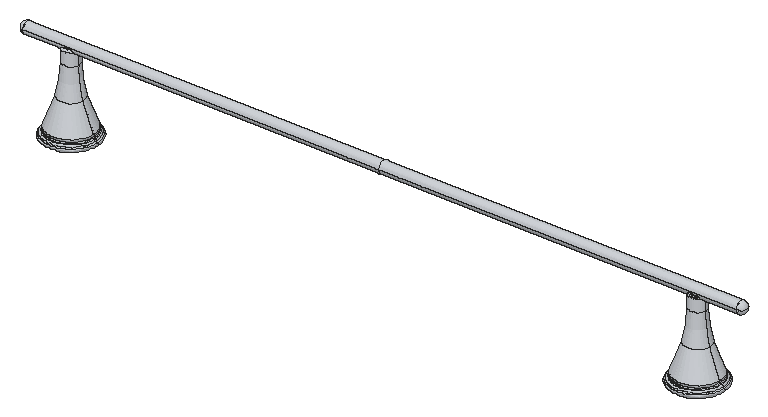
Revit family "Accessory-Towel_Bar-KOHLER-Finial-K-360", category Specialty Equipment, host Face, Revit 2015
Parameters (values of type "CP-Polished Chrome")
  Width = 3 1/8"  # constant formula
  URL = "https://www.us.kohler.com/us/"
  Type = 1
  Product Page URL = "http://www.us.kohler.com/us/catalog/productDetails.jsp?productNumber=360"
  Product Name = "Finial"  # constant formula
  Product Documentation Link = "http://www.us.kohler.com/onlinecatalog/pdf/K-360_spec.pdf"
  Model = if(Type = 1, "K-360-CP", if(Type = 2, "K-360-SN", if(Type = 3, "K-360-AF", if(Type = 4, "K-360-BN", if(Type = 5, "K-360-BV", if(Type = 6, "K-360-2BZ", "NA"))))))  # "K-360-CP"
  Material = "Premium Metal Construction"  # constant formula
  MasterFormat 2004 = "10.28.13"  # constant formula
  MasterFormat 1995 = "10820"  # constant formula
  Manufacturer Address = "444 Highland Dr, Kohler, WI 53044"  # constant formula
  Manufacturer = "KOHLER Co."  # constant formula
  Length = 24"  # constant formula
  Height = 2 1/16"  # constant formula
  Finish = Kohler-Metal-CP-Polished_Chrome
  Environmental Product Declaration = ""
  Description = "24 inch towel bar"  # constant formula
  Default Elevation = 42"
  Declare Label = ""
  Date Modified = "12/18/2018"  # constant formula
  Date Created = "12/18/2018"  # constant formula
  Copyright = "Copyright KOHLER Co."  # constant formula
  Contact Us = "https://www.us.kohler.com/us/static/contact.jsp"
  Assembly Code = "C1030200"
  ADA Compliant = 1 = 0  # no
Types (7): name | Type | Model | Finish
  (no name) | 1 | "K-360-CP" | Kohler-Metal-CP-Polished_Chrome
  CP-Polished Chrome | 1 | "K-360-CP" | Kohler-Metal-CP-Polished_Chrome
  SN-Vibrant Polished Nickel | 2 | "K-360-SN" | Kohler-Metal-SN-Vibrant_Polished_Nickel
  AF-Vibrant French Gold | 3 | "K-360-AF" | Kohler-Metal-AF-Vibrant_French_Gold
  BN-Vibrant Brushed Nickel | 4 | "K-360-BN" | Kohler-Metal-BN-Vibrant_Brushed_Nickel
  BV-Vibrant Brushed Bronze | 5 | "K-360-BV" | Kohler-Metal-BV-Brushed_Bronze
  2BZ-Oil_Rubbed Bronze | 6 | "K-360-2BZ" | Kohler-Metal-2BZ-Oil_Rubbed_Bronze
Reference planes (in)
  plane 1 "Center (Front/Back)": y = 0
  plane 2: z = 0
  plane 3 "Center (Left/Right)": x = 0
  plane 4: x = -12
  plane 5: x = 12
  plane 6: y = 1.03125
  plane 7: y = -1.03125
  plane 8: z = 3.125
Dimensions and locks (in)
  "Length": plane 4 to plane 5
  "Height": plane 6 to plane 7
  "Width": plane 8 to plane 2
  aligned and locked: host face to plane 2
  aligned and locked: host face to level
Automatic sketch dimensions
  host sketch curve to host sketch curve = 96"  (x2)
Nested families (in)
  nested 1: "K-360" at (0, 0, 0), type "K-360"
Definition of nested family "K-360"
  Parameters (values of type "K-360")
    Material = none
  Reference planes (in)
    plane 1 "Center (Front/Back)": y = 0
    plane 2: z = 0
    plane 3 "Center (Left/Right)": x = 0
    plane 4: x = -12
    plane 5: x = 12
    plane 6: x = -13.875
    plane 7: x = 13.875
    plane 8: y = 1.03125
    plane 9: y = -1.03125
    plane 10: x = 10.96875
    plane 11: x = 13.03125
    plane 12: x = -10.96875
    plane 13: x = -13.03125
    plane 14: z = 3.125
  Forms (in)
    Revolve 1, solid, material <- "Material", detail levels medium+fine
      sketch origin (0, 0, 0) x (1, 0, 0) y (0, 0, 1)
        loop
          arc (-12.87173, 0.21481) -> (-12.88167, 0.19081) -> (-12.90567, 0.18086) r 0.03394
          arc (-12.90567, 0.18086) -> (-12.94463, 0.16473) -> (-12.96076, 0.12578) r 0.05509
          arc (-12.96076, 0.12578) -> (-12.97161, 0.09543) -> (-12.99924, 0.07884) r 0.04786
          arc (-12.99924, 0.07884) -> (-13.03106, 0.03589) -> (-12.99144, 0) r 0.03981
          line (-12.99144, 0) -> (-12, 0) -> (-12, 3.125)
          arc (-12, 3.125) -> (-12.13378, 3.11223) -> (-12.26273, 3.0744) r 0.70731
          arc (-12.26273, 3.0744) -> (-12.29889, 3.04526) -> (-12.31251, 3.00087) r 0.0792
          line (-12.31251, 3.00087) -> (-12.31251, 2.53517)
          arc (-12.31251, 2.53517) -> (-12.35158, 1.94211) -> (-12.46811, 1.3593) r 4.52067
          arc (-12.46811, 1.3593) -> (-12.6398, 0.83072) -> (-12.86434, 0.32234) r 5.45905
          arc (-12.86434, 0.32234) -> (-12.86462, 0.28054) -> (-12.83154, 0.255) r 0.04707
          arc (-12.83154, 0.255) -> (-12.85996, 0.24323) -> (-12.87173, 0.21481) r 0.04019
        axis (-12, 3.125) -> (-12, 0)
      angle from 0 to 360
    Revolve 2, solid, material <- "Material", detail levels medium+fine
      sketch origin (0, 0, 3.125) x (1, 0, 0) y (0, 1, 0)
        loop
          arc (13.875, 0) -> (13.81518, 0.15444) -> (13.66267, 0.219) r 0.21243
          line (13.66267, 0.219) -> (-0.02738, 0.219) -> (-13.66267, 0.219)
          arc (-13.66267, 0.219) -> (-13.81518, 0.15444) -> (-13.875, 0) r 0.21243
          line (-13.875, 0) -> (13.875, 0)
        axis (-13.875, 0) -> (13.875, 0)
      angle from 0 to 360
    Revolve 3, solid, material <- "Material", detail levels coarse
      sketch origin (0, 0, 0) x (1, 0, 0) y (0, 0, 1)
        loop
          line (-12, 0) -> (-10.96875, 0) -> (-10.96875, 0.32405) -> (-11.18435, 0.32405) -> (-11.72778, 3.01498)
          arc (-11.72778, 3.01498) -> (-11.77537, 3.09399) -> (-11.86224, 3.125) r 0.13717
          line (-11.86224, 3.125) -> (-12, 3.125) -> (-12, 0)
        axis (-12, 3.125) -> (-12, 0)
      angle from 0 to 360
    Revolve 4, solid, material <- "Material", detail levels coarse
      sketch origin (0, 0, 0) x (-1, 0, 0) y (0, 0, 1)
        loop
          line (-12, 0) -> (-10.96875, 0) -> (-10.96875, 0.32405) -> (-11.18435, 0.32405) -> (-11.72778, 3.01498)
          arc (-11.72778, 3.01498) -> (-11.77537, 3.09399) -> (-11.86224, 3.125) r 0.13717
          line (-11.86224, 3.125) -> (-12, 3.125) -> (-12, 0)
        axis (-12, 3.125) -> (-12, 0)
      angle from 0 to 360
    Revolve 5, solid, material <- "Material", detail levels coarse
      sketch origin (0, 0, 0) x (1, 0, 0) y (0, 0, 1)
        loop
          line (-13.875, 3.125) -> (9.35901, 3.125) -> (13.875, 3.125) -> (13.875, 3.344) -> (-12.57322, 3.344) -> (-13.875, 3.344) -> (-13.875, 3.125)
        axis (-13.875, 3.125) -> (13.875, 3.125)
      angle from 0 to 360
    Revolve 6, solid, material <- "Material", detail levels medium+fine
      sketch origin (0, 0, 0) x (-1, 0, 0) y (0, 0, 1)
        loop
          arc (-12.87173, 0.21481) -> (-12.88167, 0.19081) -> (-12.90567, 0.18086) r 0.03394
          arc (-12.90567, 0.18086) -> (-12.94463, 0.16473) -> (-12.96076, 0.12578) r 0.05509
          arc (-12.96076, 0.12578) -> (-12.97161, 0.09543) -> (-12.99924, 0.07884) r 0.04786
          arc (-12.99924, 0.07884) -> (-13.03106, 0.03589) -> (-12.99144, 0) r 0.03981
          line (-12.99144, 0) -> (-12, 0) -> (-12, 3.125)
          arc (-12, 3.125) -> (-12.13378, 3.11223) -> (-12.26273, 3.0744) r 0.70731
          arc (-12.26273, 3.0744) -> (-12.29889, 3.04526) -> (-12.31251, 3.00087) r 0.0792
          line (-12.31251, 3.00087) -> (-12.31251, 2.53517)
          arc (-12.31251, 2.53517) -> (-12.35158, 1.94211) -> (-12.46811, 1.3593) r 4.52067
          arc (-12.46811, 1.3593) -> (-12.6398, 0.83072) -> (-12.86434, 0.32234) r 5.45905
          arc (-12.86434, 0.32234) -> (-12.86462, 0.28054) -> (-12.83154, 0.255) r 0.04707
          arc (-12.83154, 0.255) -> (-12.85996, 0.24323) -> (-12.87173, 0.21481) r 0.04019
        axis (-12, 3.125) -> (-12, 0)
      angle from 0 to 360
  Cuts and joins
    joined: Revolve 1, Revolve 2
    joined: Revolve 3, Revolve 4, Revolve 5
  Lines and regions (in)
    Masking region 1
      outline origin (0, 0, 0) x (1, 0, 0) y (0, 1, 0)
        loop
          line (-13.00773, 0.219) -> (-13.69364, 0.219)
          arc (-13.69364, 0.219) -> (-13.82377, 0.14217) -> (-13.875, 0) r 0.22291
          arc (-13.875, 0) -> (-13.82377, -0.14217) -> (-13.69364, -0.219) r 0.22291
          line (-13.69364, -0.219) -> (-13.00773, -0.219)
          arc (-13.00773, -0.219) -> (-12.64716, -0.80291) -> (-12, -1.03125) r 1.03125
          arc (-12, -1.03125) -> (-11.35284, -0.80291) -> (-10.99227, -0.219) r 1.03125
          line (-10.99227, -0.219) -> (-0.02272, -0.219) -> (10.99227, -0.219)
          arc (10.99227, -0.219) -> (11.35284, -0.80291) -> (12, -1.03125) r 1.03125
          arc (12, -1.03125) -> (12.64716, -0.80291) -> (13.00773, -0.219) r 1.03125
          line (13.00773, -0.219) -> (13.69364, -0.219)
          arc (13.69364, -0.219) -> (13.82377, -0.14217) -> (13.875, 0) r 0.22291
          arc (13.875, 0) -> (13.82377, 0.14217) -> (13.69364, 0.219) r 0.22291
          line (13.69364, 0.219) -> (13.00773, 0.219)
          arc (13.00773, 0.219) -> (12.64716, 0.80291) -> (12, 1.03125) r 1.03125
          arc (12, 1.03125) -> (11.35284, 0.80291) -> (10.99227, 0.219) r 1.03125
          line (10.99227, 0.219) -> (0.22423, 0.219) -> (-10.99227, 0.219)
          arc (-10.99227, 0.219) -> (-11.35284, 0.80291) -> (-12, 1.03125) r 1.03125
          arc (-12, 1.03125) -> (-12.64716, 0.80291) -> (-13.00773, 0.219) r 1.03125
    Masking region 2
      outline origin (0, 0, 0) x (1, 0, 0) y (0, 0, 1)
        loop
          arc (-12.87173, 0.21481) -> (-12.88167, 0.19081) -> (-12.90567, 0.18086) r 0.03394
          arc (-12.90567, 0.18086) -> (-12.94463, 0.16473) -> (-12.96076, 0.12578) r 0.05509
          arc (-12.96076, 0.12578) -> (-12.97161, 0.09543) -> (-12.99924, 0.07884) r 0.04786
          arc (-12.99924, 0.07884) -> (-13.02287, 0.06427) -> (-13.03125, 0.0378) r 0.03987
          arc (-13.03125, 0.0378) -> (-13.01889, 0.01096) -> (-12.99144, 0) r 0.03986
          line (-12.99144, 0) -> (-12, 0) -> (-11.00856, 0)
          arc (-11.00856, 0) -> (-10.98111, 0.01096) -> (-10.96875, 0.0378) r 0.03986
          arc (-10.96875, 0.0378) -> (-10.97713, 0.06427) -> (-11.00076, 0.07884) r 0.03987
          arc (-11.00076, 0.07884) -> (-11.02839, 0.09543) -> (-11.03924, 0.12578) r 0.04786
          arc (-11.03924, 0.12578) -> (-11.05537, 0.16473) -> (-11.09433, 0.18086) r 0.05509
          arc (-11.09433, 0.18086) -> (-11.11833, 0.19081) -> (-11.12827, 0.21481) r 0.03394
          arc (-11.12827, 0.21481) -> (-11.14004, 0.24323) -> (-11.16846, 0.255) r 0.04019
          arc (-11.16846, 0.255) -> (-11.13538, 0.28054) -> (-11.13566, 0.32234) r 0.04707
          arc (-11.13566, 0.32234) -> (-11.3602, 0.83072) -> (-11.53189, 1.3593) r 5.45905
          arc (-11.53189, 1.3593) -> (-11.64842, 1.94211) -> (-11.68749, 2.53517) r 4.52067
          line (-11.68749, 2.53517) -> (-11.68749, 2.90559) -> (11.68749, 2.90559) -> (11.68749, 2.53517)
          arc (11.68749, 2.53517) -> (11.64842, 1.94211) -> (11.53189, 1.3593) r 4.52067
          arc (11.53189, 1.3593) -> (11.3602, 0.83072) -> (11.13566, 0.32234) r 5.45905
          arc (11.13566, 0.32234) -> (11.13538, 0.28054) -> (11.16846, 0.255) r 0.04707
          arc (11.16846, 0.255) -> (11.14004, 0.24323) -> (11.12827, 0.21481) r 0.04019
          arc (11.12827, 0.21481) -> (11.11833, 0.19081) -> (11.09433, 0.18086) r 0.03394
          arc (11.09433, 0.18086) -> (11.05537, 0.16473) -> (11.03924, 0.12578) r 0.05509
          arc (11.03924, 0.12578) -> (11.02839, 0.09543) -> (11.00076, 0.07884) r 0.04786
          arc (11.00076, 0.07884) -> (10.97713, 0.06427) -> (10.96875, 0.0378) r 0.03987
          arc (10.96875, 0.0378) -> (10.98111, 0.01096) -> (11.00856, 0) r 0.03986
          line (11.00856, 0) -> (12, 0) -> (12.99144, 0)
          arc (12.99144, 0) -> (13.01889, 0.01096) -> (13.03125, 0.0378) r 0.03986
          arc (13.03125, 0.0378) -> (13.02287, 0.06427) -> (12.99924, 0.07884) r 0.03987
          arc (12.99924, 0.07884) -> (12.97161, 0.09543) -> (12.96076, 0.12578) r 0.04786
          arc (12.96076, 0.12578) -> (12.94463, 0.16473) -> (12.90567, 0.18086) r 0.05509
          arc (12.90567, 0.18086) -> (12.88167, 0.19081) -> (12.87173, 0.21481) r 0.03394
          arc (12.87173, 0.21481) -> (12.85996, 0.24323) -> (12.83154, 0.255) r 0.04019
          arc (12.83154, 0.255) -> (12.86462, 0.28054) -> (12.86434, 0.32234) r 0.04707
          arc (12.86434, 0.32234) -> (12.6398, 0.83072) -> (12.46811, 1.3593) r 5.45905
          arc (12.46811, 1.3593) -> (12.35158, 1.94211) -> (12.31251, 2.53517) r 4.52067
          line (12.31251, 2.53517) -> (12.31251, 2.90559) -> (13.68467, 2.90559)
          arc (13.68467, 2.90559) -> (13.82079, 2.97977) -> (13.875, 3.125) r 0.22164
          arc (13.875, 3.125) -> (13.82079, 3.27023) -> (13.68467, 3.34441) r 0.22164
          line (13.68467, 3.34441) -> (-0.38537, 3.34441) -> (-13.68467, 3.34441)
          arc (-13.68467, 3.34441) -> (-13.82079, 3.27023) -> (-13.875, 3.125) r 0.22164
          arc (-13.875, 3.125) -> (-13.82079, 2.97977) -> (-13.68467, 2.90559) r 0.22164
          line (-13.68467, 2.90559) -> (-12.31251, 2.90559) -> (-12.31251, 2.53517)
          arc (-12.31251, 2.53517) -> (-12.35158, 1.94211) -> (-12.46811, 1.3593) r 4.52067
          arc (-12.46811, 1.3593) -> (-12.6398, 0.83072) -> (-12.86434, 0.32234) r 5.45905
          arc (-12.86434, 0.32234) -> (-12.86462, 0.28054) -> (-12.83154, 0.255) r 0.04707
          arc (-12.83154, 0.255) -> (-12.85996, 0.24323) -> (-12.87173, 0.21481) r 0.04019
    Masking region 3
      outline origin (0, 0, 0) x (0, 1, 0) y (0, 0, 1)
        loop
          arc (0.87173, 0.21481) -> (0.85996, 0.24323) -> (0.83154, 0.255) r 0.04019
          arc (0.83154, 0.255) -> (0.86462, 0.28054) -> (0.86434, 0.32234) r 0.04707
          arc (0.86434, 0.32234) -> (0.6398, 0.83072) -> (0.46811, 1.3593) r 5.45905
          arc (0.46811, 1.3593) -> (0.35158, 1.94211) -> (0.31251, 2.53517) r 4.52067
          line (0.31251, 2.53517) -> (0.31251, 3.00087)
          arc (0.31251, 3.00087) -> (0.29889, 3.04526) -> (0.26273, 3.0744) r 0.0792
          arc (0.26273, 3.0744) -> (0.23969, 3.08315) -> (0.21636, 3.0911) r 0.70731
          arc (0.21636, 3.0911) -> (0.16646, 3.26745) -> (0, 3.34413) r 0.21902
          arc (0, 3.34413) -> (-0.16646, 3.26745) -> (-0.21636, 3.0911) r 0.21902
          arc (-0.21636, 3.0911) -> (-0.23969, 3.08315) -> (-0.26273, 3.0744) r 0.70731
          arc (-0.26273, 3.0744) -> (-0.29889, 3.04526) -> (-0.31251, 3.00087) r 0.0792
          line (-0.31251, 3.00087) -> (-0.31251, 2.53517)
          arc (-0.31251, 2.53517) -> (-0.35158, 1.94211) -> (-0.46811, 1.3593) r 4.52067
          arc (-0.46811, 1.3593) -> (-0.6398, 0.83072) -> (-0.86434, 0.32234) r 5.45905
          arc (-0.86434, 0.32234) -> (-0.86462, 0.28054) -> (-0.83154, 0.255) r 0.04707
          arc (-0.83154, 0.255) -> (-0.85996, 0.24323) -> (-0.87173, 0.21481) r 0.04019
          arc (-0.87173, 0.21481) -> (-0.88167, 0.19081) -> (-0.90567, 0.18086) r 0.03394
          arc (-0.90567, 0.18086) -> (-0.94463, 0.16473) -> (-0.96076, 0.12578) r 0.05509
          arc (-0.96076, 0.12578) -> (-0.97161, 0.09543) -> (-0.99924, 0.07884) r 0.04786
          arc (-0.99924, 0.07884) -> (-1.02288, 0.06425) -> (-1.03125, 0.03776) r 0.03987
          arc (-1.03125, 0.03776) -> (-1.01888, 0.01094) -> (-0.99144, 0) r 0.03986
          line (-0.99144, 0) -> (0, 0) -> (0.99144, 0)
          arc (0.99144, 0) -> (1.01888, 0.01094) -> (1.03125, 0.03776) r 0.03986
          arc (1.03125, 0.03776) -> (1.02288, 0.06425) -> (0.99924, 0.07884) r 0.03987
          arc (0.99924, 0.07884) -> (0.97161, 0.09543) -> (0.96076, 0.12578) r 0.04786
          arc (0.96076, 0.12578) -> (0.94463, 0.16473) -> (0.90567, 0.18086) r 0.05509
          arc (0.90567, 0.18086) -> (0.88167, 0.19081) -> (0.87173, 0.21481) r 0.03394
    symbolic lines, detail levels medium+fine
      curve 1: line (-13.00773, 0.219, 0) -> (-10.99227, 0.219, 0)
      curve 2: line (-13.00773, -0.219, 0) -> (-10.99227, -0.219, 0)
      curve 3: arc (-12.84432, -0.219, 0) -> (-12, -0.87226, 0) -> (-11.15568, -0.219, 0) r 0.87226
      curve 4: arc (-11.15568, 0.219, 0) -> (-12, 0.87226, 0) -> (-12.84432, 0.219, 0) r 0.87226
      curve 5: line (13.00773, 0.219, 0) -> (10.99227, 0.219, 0)
      curve 6: line (13.00773, -0.219, 0) -> (10.99227, -0.219, 0)
      curve 7: arc (12.84432, -0.219, 0) -> (12, -0.87226, 0) -> (11.15568, -0.219, 0) r 0.87226
      curve 8: arc (11.15568, 0.219, 0) -> (12, 0.87226, 0) -> (12.84432, 0.219, 0) r 0.87226
      curve 9: line (-12.83154, 0, 0.255) -> (-11.16846, 0, 0.255)
      curve 10: spline (-12.15371, 0, 3.0744) -> (-12.12841, 0, 3.07944) -> (-12.10293, 0, 3.08357) -> (-12.07732, 0, 3.08679) -> (-12.05161, 0, 3.0891) -> (-12.02582, 0, 3.09048) -> (-12, 0, 3.09094) -> (-11.97418, 0, 3.09048) -> (-11.94839, 0, 3.0891) -> (-11.92268, 0, 3.08679) -> (-11.89707, 0, 3.08357) -> (-11.87159, 0, 3.07944) -> (-11.84629, 0, 3.0744)
      curve 11: arc (-12.3127, 0, 2.90568) -> (-12.25932, 0, 3.01465) -> (-12.15371, 0, 3.0744) r 0.20517
      curve 12: arc (-11.84629, 0, 3.0744) -> (-11.74072, 0, 3.01461) -> (-11.68749, 0, 2.90559) r 0.20484
      curve 13: line (12.99924, 0, 0.07884) -> (11.00076, 0, 0.07884)
      curve 14: line (12.90567, 0, 0.18086) -> (11.09433, 0, 0.18086)
      curve 15: line (12.83154, 0, 0.255) -> (11.16846, 0, 0.255)
      curve 16: spline (12.15371, 0, 3.0744) -> (12.12841, 0, 3.07944) -> (12.10293, 0, 3.08357) -> (12.07732, 0, 3.08679) -> (12.05161, 0, 3.0891) -> (12.02582, 0, 3.09048) -> (12, 0, 3.09094) -> (11.97418, 0, 3.09048) -> (11.94839, 0, 3.0891) -> (11.92268, 0, 3.08679) -> (11.89707, 0, 3.08357) -> (11.87159, 0, 3.07944) -> (11.84629, 0, 3.0744)
      curve 17: arc (12.3127, 0, 2.90568) -> (12.25932, 0, 3.01465) -> (12.15371, 0, 3.0744) r 0.20517
      curve 18: arc (11.84629, 0, 3.0744) -> (11.74072, 0, 3.01461) -> (11.68749, 0, 2.90559) r 0.20484
      curve 19: line (0, 0.83154, 0.255) -> (0, -0.83154, 0.255)
      curve 20: arc (0, 0.21636, 3.0911) -> (0, 0.14246, 2.95837) -> (0, -0.00002, 2.90568) r 0.21896
      curve 21: arc (0, -0.00002, 2.90568) -> (0, -0.14248, 2.95838) -> (0, -0.21636, 3.0911) r 0.21892
      curve 22: arc (-12.21934, 0.219, 0) -> (-11.99677, 0.31356, 0) -> (-11.77419, 0.219, 0) r 0.30922
      curve 23: arc (-12.21934, -0.219, 0) -> (-11.99677, -0.31356, 0) -> (-11.77419, -0.219, 0) r 0.30922
      curve 24: arc (12.21934, 0.219, 0) -> (11.99677, 0.31356, 0) -> (11.77419, 0.219, 0) r 0.30922
      curve 25: arc (12.21934, -0.219, 0) -> (11.99677, -0.31356, 0) -> (11.77419, -0.219, 0) r 0.30922
      curve 26: line (-12.31251, 0, 2.53517) -> (-11.68749, 0, 2.53517)
      curve 27: line (-12.31251, 0, 2.72038) -> (-11.68749, 0, 2.72038)
      curve 28: line (11.68749, 0, 2.72038) -> (12.31251, 0, 2.72038)
      curve 29: line (11.68749, 0, 2.53517) -> (12.31251, 0, 2.53517)
      curve 30: line (0, 0.31251, 2.85396) -> (0, -0.31251, 2.85396)
      curve 31: line (0, 0.31251, 2.7383) -> (0, -0.31251, 2.7383)
  Dimensions and locks (in)
    locked: plane 4 to plane 5 at 24
    locked: plane 6 to plane 7 at 27.75
    locked: plane 8 to plane 9 at 2.0625
    locked: plane 10 to plane 11 at 2.0625
    locked: plane 13 to plane 12 at 2.0625
    locked: plane 14 to level at 3.125
    aligned and locked: plane 2 to level
